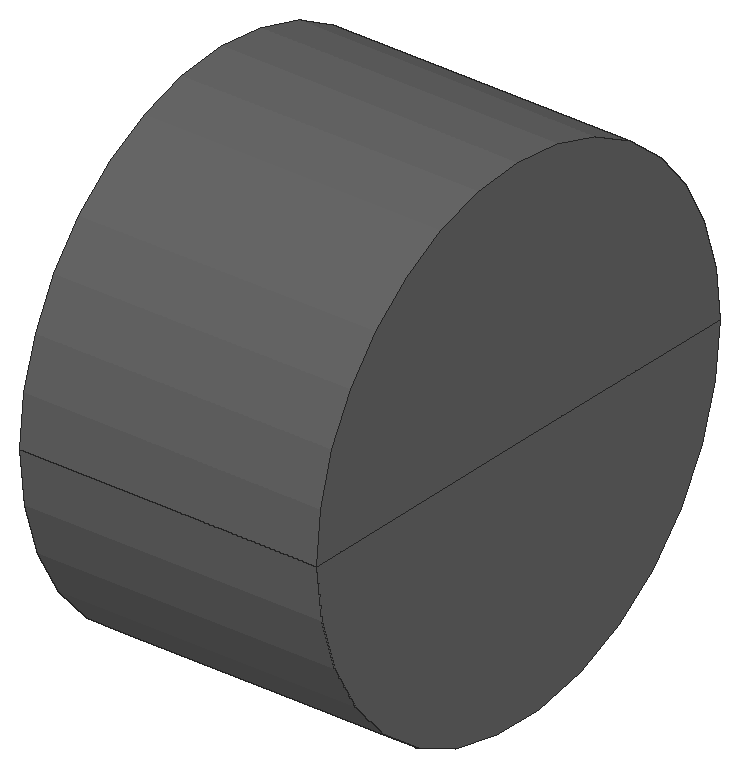
Revit family "End_Cap-Champion_Couplings-MI-EC_Series", category Pipe Fittings, Revit 2014
Parameters (values of type "MI-EC-150")
  Width B = 1.950"
  Width A = 1.610"
  Waste Connection = no
  Warranty Information = "1 Year Warranty"  # constant formula
  Vent Connection = no
  URL = "http://www.mifab.com"
  Tick Size = Width A * 0.4  # 0.644"
  Standard Listings & Approval = "CSA Approved, U.P.C. Approved"  # constant formula
  Product Page URL = "http://www.mifab.com/Catalog/No_Hub_Couplings/MI_EC_End_Cap.html"
  Product Documentation Link = "http://www.mifab.com/Catalog/Library/MI-EC-spec_sheet.pdf"
  Price = "Prices may vary. Please consult Manufacturer Representative for most up-to-date price list."  # constant formula
  Pipe Size Description = "1 1/2\""
  Pipe Connection Diameter = 1.500"
  Pallet Quantity = "11520"
  Model = "MI-EC"  # constant formula
  Material = "Rubber-Champion Couplings-Flexible Rubber"  # constant formula
  Manufacturer = "Champion Couplings"  # constant formula
  List Price (Each Piece) = 4.5
  Height = 1.150"
  HW Connection = no
  Description = "MIFAB® Series MI-EC (specify size) of flexible rubber end caps manufactured from an elastomeric compound\r\nthat meets the requirements of ASTM C-564 with inside knurling for superior pipe grip and Type 300 Series of stainless steel\r\nclamp tightened with 5/16” Type 300 stainless steel hex head screw. MI-EC Series of end caps are tested and certified to I.A.P.M.O.\r\nStandard PS 90-06 and CSA Standard B602-2010 and listed with I.A.P.M.O. All models are listed to the National Plumbing Code\r\nof Canada and relevant Canadian Standard(s) and bear the cUPC mark of conformity. Non constant temperature rating is 140 F."  # constant formula
  Creation Date = "\"2/17/2016\""
  Carton Quantity = "160"
  CW Connection = yes
  Assembly Code = "D2090800"
Types (8): name | Width B | Width A | Tick Size | Pipe Size Description | Pipe Connection Diameter | Pallet Quantity | List Price (Each Piece) | Height | Carton Quantity
  (no name) | 1.950" | 1.610" | 0.644" | "1 1/2\"" | 1.500" | "11520" | 4.5 | 1.150" | "160"
  MI-EC-150 | 1.950" | 1.610" | 0.644" | "1 1/2\"" | 1.500" | "11520" | 4.5 | 1.150" | "160"
  MI-EC-200 | 2.480" | 1.910" | 0.764" | "2\"" | 2.000" | "10350" | 5.15 | 1.250" | "150"
  MI-EC-300 | 3.630" | 3.090" | 1.236" | "3\"" | 3.000" | "4800" | 6.5 | 1.390" | "100"
  MI-EC-400 | 4.600" | 3.960" | 1.584" | "4\"" | 4.000" | "3200" | 8.5 | 1.650" | "80"
  MI-EC-500 | 5.850" | 5.030" | 2.012" | "5\"" | 5.000" | "-" | 11.15 | 2.090" | "40"
  MI-EC-600 | 6.620" | 5.730" | 2.292" | "6" | 6.000" | "-" | 11.5 | 2.200" | "40"
  MI-EC-800 | 8.850" | 7.700" | 3.080" | "8\"" | 8.000" | "-" | 23.25 | 2.950" | "40"
Reference planes (in)
  plane 1 "Center (Front/Back)": y = 0
  plane 2: z = 0
  plane 3 "Center (Left/Right)": x = 0
  plane 4: x = 1.15
  plane 5: y = 0.975
  plane 6: y = -0.975
  plane 7: y = 0.75
  plane 8: y = -0.75
  plane 9: y = 0.975
  plane 10: y = -0.975
Forms (in)
  Revolve 1, solid, material "Rubber-Champion Couplings-Flexible Rubber"
    sketch origin (0, 0, 0) x (1, 0, 0) y (0, 1, 0)
      loop
        line (0, 0.975) -> (0, 0.75) -> (0.9, 0.75) -> (0.9, 0) -> (1.15, 0) -> (1.15, 0.975) -> (0, 0.975)
      axis (1.15, 0) -> (0, 0)
    angle from 0 to 360
Lines and regions (in)
  Masking region 1, detail levels fine
    outline origin (2.035, 0, 0) x (1, 0, 0) y (0, 1, 0)
      loop
        line (-2.035, 0.975) -> (-2.035, -0.975) -> (-0.885, -0.975) -> (-0.885, 0.975) -> (-2.035, 0.975)
  model lines, detail levels coarse+medium
    curve 1: line (1.15, 0.975, 0) -> (0, 0.975, 0)
    curve 2: line (1.15, 0.975, 0) -> (1.15, -0.975, 0)
    curve 3: line (0, -0.975, 0) -> (1.15, -0.975, 0)
Dimensions and locks (in)
  "Width B": plane 6 to plane 5
  "Pipe Connection Diameter": plane 7 to plane 8
  equal spacing: plane 7, plane 1 "Center (Front/Back)", plane 8
  "Height": plane 3 "Center (Left/Right)" to plane 4
  equal spacing: plane 6, plane 1 "Center (Front/Back)", plane 5
  "Width B": plane 9 to plane 10
  equal spacing: plane 9, plane 1 "Center (Front/Back)", plane 10
  locked: Revolve 1 sketch curve to plane 4 at 0.25
  aligned and locked: plane 5 to Masking region 1 sketch curve
  aligned and locked: Masking region 1 sketch curve to plane 6
  aligned and locked: plane 4 to Masking region 1 sketch curve
  aligned and locked: Masking region 1 sketch curve to plane 3 "Center (Left/Right)"
  aligned and locked: plane 9 to Revolve 1 sketch curve
  aligned and locked: Revolve 1 sketch curve to plane 7
  aligned and locked: curve 1 to Masking region 1
  aligned and locked: curve 2 to Revolve 1
  aligned and locked: curve 3 to Masking region 1
Automatic sketch dimensions
  curve 1 to plane 3 "Center (Left/Right)" = 0.000"
  curve 3 to plane 3 "Center (Left/Right)" = 0.000"
  plane 1 "Center (Front/Back)" to Revolve 1 sketch curve = 0.000"  (x2)
  Revolve 1 sketch curve to plane 3 "Center (Left/Right)" = 0.000"
  Revolve 1 sketch curve to plane 4 = 0.000"
  Revolve 1 sketch curve to plane 3 "Center (Left/Right)" = 1.000"
  Revolve 1 sketch curve to Revolve 1 sketch curve = 1.40835"
Connectors (in)
  piping at (0, 0, 0), diameter 1.5, driven by "Pipe Connection Diameter"
    settings: on Revolve 1, index 1, connector inside diameter 24", connector length 0.000", flow factor 0, pipe flow 0 GPM, pressure drop 0.00 psi, fitting loss kfactor 0, connector angle 0.00°, fixture units 0, engagement length 0.000", angle of deflection 0.00°, flow configuration 0, flow direction 0, fitting loss method 0, system type 28, joint type 0, gender type 0, connector reference index -1, connector utility 0, adjustable connector no, is connector primary yes, connector description ""
